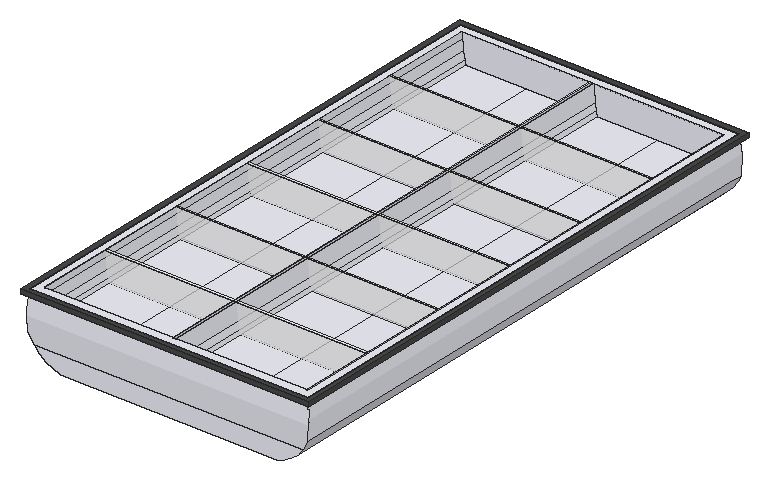
Revit family "P4D24", category Lighting Fixtures, host Face, Revit 2012
Parameters (values of type "P4D24-432-MA48")
  Wattage Comments = "56 W"
  Wattage = 9.2903 W
  built-in parameter 1150110 = 1 (stored number, unit not read)
  URL = "http://www.columbialighting.com/"
  built-in parameter 1114217 = 1 (stored number, unit not read)
  Tilt Angle = 90.00°
  built-in parameter 1150109 = 1 (stored number, unit not read)
  built-in parameter 1150134 = 3
  built-in parameter 1150113 = 1 (stored number, unit not read)
  Product Specification Sheet = "http://www.columbialighting.com/products/p4d"
  Product Page URL = "http://www.columbialighting.com/content/products/specs/specs_files/p4d24.pdf"
  Photometric Web File = "12500.IES"
  Model = "P4D24"  # constant formula
  Manufacturer Phone = "(864)-678-1000"  # constant formula
  Manufacturer Fax = "(864)-678-1065"  # constant formula
  Manufacturer = "Columbia Lighting"  # constant formula
  built-in parameter 1150105 = 109.82 (stored number, unit not read)
  Lumens = 1380 lm
  built-in parameter 1150115 = 1 (stored number, unit not read)
  built-in parameter 1150137 = (empty or 0)
  built-in parameter 1150139 = (empty or 0)
  built-in parameter 1150112 = 1 (stored number, unit not read)
  built-in parameter 1150114 = 1 (stored number, unit not read)
  Lamp = "Two,Three,Four"
  built-in parameter 1150132 = (empty or 0)
  built-in parameter 1150102 = (empty or 0)
  built-in parameter 1150107 = 3200 (stored number, unit not read)
  built-in parameter 1150138 = (empty or 0)
  built-in parameter 1150106 = 1.0982 (stored number, unit not read)
  Glass = Glass
  Finish = Steel
  Emit from Line Length = 24"
  built-in parameter 1150104 = 13.8 (stored number, unit not read)
  Dimming Lamp Color Temperature Shift = <None>
  Description = "High Performance Parabolic"  # constant formula
  Default Elevation = 48"
  Color Filter = 16777215
  built-in parameter 1114218 = 1 (stored number, unit not read)
  built-in parameter 1150133 = 10 (stored number, unit not read)
  Apparent Load = 0 VA
  Air Tight = Black
Types (10): name | Photometric Web File
  P4D24-232-LD26-E | "12449"
  P4D24-232-MA26 | "12454"
  P4D24-232-MA28 | "12501"
  P4D24-232-MA46 | "12502"
  P4D24-232-MA48 | "12468"
  P4D24-332G-LD36-E | "12446"
  P4D24-332-MA36 | "12453"
  P4D24-432-MA28 | "12500"
  P4D24-432-MA46 | "12499"
  P4D24-432-MA48 | "12452"
Reference planes (in)
  plane 1 "Center (Front/Back)": y = 0
  plane 2: z = 0
  plane 3 "Center (Left/Right)": x = 0
  plane 4: x = -12.5
  plane 5: x = 12.5
  plane 6: y = 24.0312
  plane 7: y = -24
  plane 8: z = -3
  plane 9: z = -6
Forms (in)
  Extrusion 1, void
    sketch origin (0.5, -180, 2.21291) x (0, -1, 0) y (1, 0, 0)
      loop
        line (-204.0312, -13) -> (-156, -13) -> (-156, 12) -> (-204.0312, 12) -> (-204.0312, -13)
    from -2.21291 to -9.46291
  Extrusion 2, solid, material "Steel" <- "Finish"
    sketch origin (0, 0, 0) x (1, 0, 0) y (0, 0, 1)
      loop
        arc (-11.59097, -2.13989) -> (-11.55067, -2.35607) -> (-11.50616, -2.57143) r 11.27174
        line (-11.50616, -2.57143) -> (-5.98243, -2.57143) -> (-0.53414, -2.57143)
        arc (-0.53414, -2.57143) -> (-0.48963, -2.35607) -> (-0.44933, -2.13989) r 11.27174
        line (-0.44933, -2.13989) -> (-0.33556, -1.49466) -> (-0.2048, 0) -> (-0.24849, 0) -> (-0.37876, -1.48897) -> (-0.4922, -2.13233)
        arc (-0.4922, -2.13233) -> (-0.52897, -2.33046) -> (-0.56929, -2.5279) r 11.22821
        line (-0.56929, -2.5279) -> (-5.97466, -2.5279) -> (-11.47101, -2.5279)
        arc (-11.47101, -2.5279) -> (-11.51133, -2.33046) -> (-11.5481, -2.13233) r 11.22821
        line (-11.5481, -2.13233) -> (-11.66154, -1.48897) -> (-11.79181, 0) -> (-11.8355, 0) -> (-11.70474, -1.49466) -> (-11.59097, -2.13989)
      loop
        arc (0.26129, -2.13989) -> (0.30159, -2.35607) -> (0.34609, -2.57143) r 11.27174
        line (0.34609, -2.57143) -> (5.94025, -2.57143) -> (11.46586, -2.57143)
        arc (11.46586, -2.57143) -> (11.51037, -2.35607) -> (11.55067, -2.13989) r 11.27174
        line (11.55067, -2.13989) -> (11.66444, -1.49466) -> (11.7952, 0) -> (11.75151, 0) -> (11.62124, -1.48897) -> (11.5078, -2.13233)
        arc (11.5078, -2.13233) -> (11.47103, -2.33046) -> (11.43071, -2.5279) r 11.22821
        line (11.43071, -2.5279) -> (5.8388, -2.5279) -> (0.38125, -2.5279)
        arc (0.38125, -2.5279) -> (0.34093, -2.33046) -> (0.30416, -2.13233) r 11.22821
        line (0.30416, -2.13233) -> (0.19071, -1.48897) -> (0.06045, 0) -> (0.01675, 0) -> (0.14752, -1.49466) -> (0.26129, -2.13989)
    from -23.48042 to 23.44922
  Extrusion 3, solid, material "Glass" <- "Glass"
    sketch origin (0, 15.14611, 0) x (1, 0, 0) y (0, 0, -1)
      loop
        line (-11.8355, 0) -> (11.7952, 0) -> (11.66444, 1.49466) -> (11.55067, 2.13989)
        arc (11.55067, 2.13989) -> (11.51037, 2.35607) -> (11.46586, 2.57143) r 11.27174
        line (11.46586, 2.57143) -> (-11.50616, 2.57143)
        arc (-11.50616, 2.57143) -> (-11.55067, 2.35607) -> (-11.59097, 2.13989) r 11.27174
        line (-11.59097, 2.13989) -> (-11.70474, 1.49466) -> (-11.8355, 0)
    from 0.17228 to 0.38324
  Sweep 4, solid, material "Steel" <- "Finish"
    path origin (0, 0, 0) x (1, 0, 0) y (0, 1, 0)
      loop
        line (-12.30078, 24.0312) -> (-12.30078, -24) -> (12.30078, -24) -> (12.30078, 24.0312) -> (-12.30078, 24.0312)
    profile origin (0, 24.0312, 0) x (0, 1, 0) y (0, 0, 1)
      loop
        line (-0.55078, 0) -> (-0.55078, -6) -> (0.19922, -6) -> (0.19922, -4.38688)
        arc (0.19922, -4.38688) -> (0.38761, -2.19344) -> (0.19922, 0) r 12.86352
        line (0.19922, 0) -> (-0.55078, 0)
  Extrusion 5, void
    sketch origin (0, 0, 0) x (1, 0, 0) y (0, 0, 1)
      loop
        arc (-9.72148, -6) -> (-11.56014, -5.013) -> (-12.69922, -3.26448) r 4.21131
        line (-12.69922, -3.26448) -> (-12.69922, -6) -> (-9.72148, -6)
      loop
        line (9.72148, -6) -> (12.69922, -6) -> (12.69922, -3.26448)
        arc (12.69922, -3.26448) -> (11.56014, -5.013) -> (9.72148, -6) r 4.21131
    from -24.73042 to 24.69922
  Extrusion 6, solid, material "Steel" <- "Finish"
    sketch origin (0, 0, 0) x (1, 0, 0) y (0, 0, 1)
      loop
        line (-9.72148, -6) -> (9.72148, -6)
        arc (9.72148, -6) -> (11.48043, -5.08438) -> (12.62536, -3.46531) r 4.21131
        line (12.62536, -3.46531) -> (12.57067, -3.46531)
        arc (12.57067, -3.46531) -> (11.44175, -5.05073) -> (9.71528, -5.94922) r 4.16052
        line (9.71528, -5.94922) -> (-9.71528, -5.94922)
        arc (-9.71528, -5.94922) -> (-11.44175, -5.05073) -> (-12.57067, -3.46531) r 4.16052
        line (-12.57067, -3.46531) -> (-12.62536, -3.46531)
        arc (-12.62536, -3.46531) -> (-11.48043, -5.08438) -> (-9.72148, -6) r 4.21131
    from -23.48042 to 23.44922
  Extrusion 7, solid, material "Glass" <- "Glass"
    sketch origin (0, 7.14611, 0) x (1, 0, 0) y (0, 0, -1)
      loop
        line (-11.8355, 0) -> (11.7952, 0) -> (11.66444, 1.49466) -> (11.55067, 2.13989)
        arc (11.55067, 2.13989) -> (11.51037, 2.35607) -> (11.46586, 2.57143) r 11.27174
        line (11.46586, 2.57143) -> (-11.50616, 2.57143)
        arc (-11.50616, 2.57143) -> (-11.55067, 2.35607) -> (-11.59097, 2.13989) r 11.27174
        line (-11.59097, 2.13989) -> (-11.70474, 1.49466) -> (-11.8355, 0)
    from 0.17228 to 0.38324
  Extrusion 8, solid, material "Glass" <- "Glass"
    sketch origin (0, -0.85389, 0) x (1, 0, 0) y (0, 0, -1)
      loop
        line (-11.8355, 0) -> (11.7952, 0) -> (11.66444, 1.49466) -> (11.55067, 2.13989)
        arc (11.55067, 2.13989) -> (11.51037, 2.35607) -> (11.46586, 2.57143) r 11.27174
        line (11.46586, 2.57143) -> (-11.50616, 2.57143)
        arc (-11.50616, 2.57143) -> (-11.55067, 2.35607) -> (-11.59097, 2.13989) r 11.27174
        line (-11.59097, 2.13989) -> (-11.70474, 1.49466) -> (-11.8355, 0)
    from 0.17228 to 0.38324
  Extrusion 9, solid, material "Glass" <- "Glass"
    sketch origin (0, -8.85389, 0) x (1, 0, 0) y (0, 0, -1)
      loop
        line (-11.8355, 0) -> (11.7952, 0) -> (11.66444, 1.49466) -> (11.55067, 2.13989)
        arc (11.55067, 2.13989) -> (11.51037, 2.35607) -> (11.46586, 2.57143) r 11.27174
        line (11.46586, 2.57143) -> (-11.50616, 2.57143)
        arc (-11.50616, 2.57143) -> (-11.55067, 2.35607) -> (-11.59097, 2.13989) r 11.27174
        line (-11.59097, 2.13989) -> (-11.70474, 1.49466) -> (-11.8355, 0)
    from 0.17228 to 0.38324
  Extrusion 10, solid, material "Glass" <- "Glass"
    sketch origin (0, -16.85389, 0) x (1, 0, 0) y (0, 0, -1)
      loop
        line (-11.8355, 0) -> (11.7952, 0) -> (11.66444, 1.49466) -> (11.55067, 2.13989)
        arc (11.55067, 2.13989) -> (11.51037, 2.35607) -> (11.46586, 2.57143) r 11.27174
        line (11.46586, 2.57143) -> (-11.50616, 2.57143)
        arc (-11.50616, 2.57143) -> (-11.55067, 2.35607) -> (-11.59097, 2.13989) r 11.27174
        line (-11.59097, 2.13989) -> (-11.70474, 1.49466) -> (-11.8355, 0)
    from 0.17228 to 0.38324
  Extrusion 11, solid, material "Black" <- "Air Tight"
    sketch origin (0, 0, 0) x (1, 0, 0) y (0, 1, 0)
      loop
        line (12.5, 24.23042) -> (-12.5, 24.23042) -> (-12.5, -24.19922) -> (12.5, -24.19922) -> (12.5, 24.23042)
      loop
        line (13, 24.73042) -> (-13, 24.73042) -> (-13, -24.69922) -> (13, -24.69922) -> (13, 24.73042)
    from 0 to -0.34979
Cuts and joins
  Extrusion 5 cuts Sweep 4
  joined: Sweep 4, Extrusion 6
Dimensions and locks (in)
  plane 7 to plane 1 "Center (Front/Back)" = 24"
  plane 6 to plane 1 "Center (Front/Back)" = 24.0312"
  locked: plane 4 to plane 3 "Center (Left/Right)" at 12.5
  locked: plane 3 "Center (Left/Right)" to plane 5 at 12.5
  aligned and locked: plane 2 to host face
  aligned and locked: level to host face
  aligned and locked: Extrusion 1 sketch curve to plane 6
  aligned and locked: Extrusion 1 sketch curve to plane 4
  aligned and locked: Extrusion 1 sketch curve to plane 7
  aligned and locked: Extrusion 1 sketch curve to plane 5
  aligned and locked: Extrusion 1 to plane 2
  aligned and locked: plane 9 to Sweep 4 sketch curve
  aligned and locked: Extrusion 3 sketch curve to Extrusion 2  (x2)
  aligned and locked: Sweep 4 sketch curve to plane 6
  aligned and locked: Sweep 4 sketch curve to plane 7
  aligned and locked: Extrusion 6 to Sweep 4
  aligned and locked: Extrusion 2 to cut or joined group of Sweep 4, Extrusion 5, Extrusion 6  (x2)
  aligned and locked: Extrusion 11 to imposter light
  aligned and locked: imposter light to plane 1 "Center (Front/Back)"
Connectors (in)
  electrical at (0, 0.0156, -6), driven by "Description", driven by "Apparent Load"
    settings: on cut or joined group of Sweep 4, Extrusion 5, Extrusion 6, index 1, voltage 0 V, apparent load 0 VA, apparent load phase1 0 VA, apparent load phase2 0 VA, apparent load phase3 0 VA, power factor 1, load classification "Other", number of poles 1, system type 30, power factor state 1, is connector primary yes, connector utility no, sub classification motor no, connector description "High Performance Parabolic"
